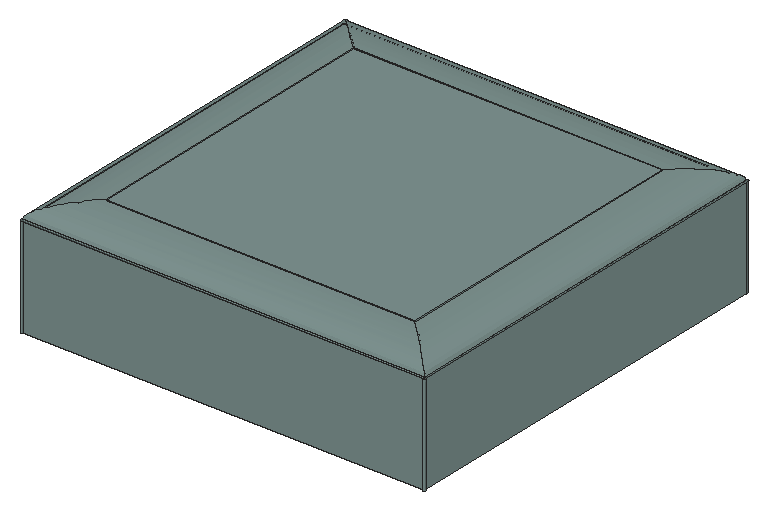
Revit family "DBLTD_TheSenatorGroup_OfficeChairs_Paver", category Furniture, Revit 2021
Family settings
  OmniClass Number = 23.40.20.00
  OmniClass Title = General Furniture and Specialties
  Work Plane-Based = No
  Always vertical = Yes
  Cut with Voids When Loaded = No
  Shared = Yes
  Room Calculation Point = No
Parameters (values of type "Seat Unit 380mm h x 1300mm w x 1300mm d")
  WarrantyStartDate [instance] = " "
  WarrantyGuarantorParts = "https://www.thesenatorgroup.com/"
  WarrantyGuarantorLabor = "https://www.thesenatorgroup.com/"
  WarrantyDurationUnit = "years"
  WarrantyDurationParts = "5"
  WarrantyDurationLabor = "5"
  WarrantyDescription = "Senator warrants that its manufactured products are free from manufacturing defects - in materials or workmanship - for a period of ten (10) years on Senator Seating ranges; and fifteen (15) years on Senator Desking ranges"
  Version = "1"
  Uniclass2015Version = "Products v1.15"
  Uniclass2015Title = "Office chairs"
  Uniclass2015Code = "Pr_40_50_12_57"
  URL = "https://www.thesenatorgroup.com/"
  Type Comments = ModelReference  # "Seat Unit 380mm h x 1300mm w x 1300mm d"
  TagNumber [instance] = " "
  SustainabilityPerformance = "n/a"
  Size = "1300 x 1300 x 380 mm"
  Shape = "Rectangular"
  SerialNumber [instance] = " "
  SeatingHeight = NominalHeight  # 380 mm
  Revision = ""
  ReplacementCost = "n/a"
  ProductInformation = "https://www.allermuir.com/en/products/sofas/paver-uk"
  NominalWidth = 1300 mm
  NominalHeight = 380 mm
  NominalDepth = 1300 mm
  Name = "Chair"
  ModelReference = "Seat Unit 380mm h x 1300mm w x 1300mm d"
  ModelNumber = "PVRS1300"
  Model = ModelNumber  # "PVRS1300"
  Material = "Seat: Fully Upholstered foam around carcass."
  ManufacturerURL = "https://www.senator.online/"
  ManufacturerName = "The Senator Group"
  Keynote = Category  # "Pr_40_50_12_57 Office chairs"
  InstallationDate [instance] = " "
  Grade = "n/a"
  Finish = "Seat: Upholstery available in a broad range of contract fabrics and selected leathers from Allermuir’s standard upholstery collection"
  Features = "Turned out top sewn seam"
  ExpectedLife = "5"
  DurationUnit = "years"
  Cost = 0
  Constituents = "Carcass with soft foam upholstery. Configurable linking plates"
  Color = Finish  # "Seat: Upholstery available in a broad range of contract fabrics and selected leathers from Allermuir’s standard upholstery collection"
  CodePerformance = "n/a"
  Category = "Pr_40_50_12_57 Office chairs"
  SeatingSeatCushionMaterial [instance] = DBLTD_TheSenatorGroup_Fabric_Blue
  Manufacturer = ManufacturerName  # "The Senator Group"
  Description = ModelReference  # "Seat Unit 380mm h x 1300mm w x 1300mm d"
  Default Elevation = 0 mm
  BarCode [instance] = " "
  Author = "Diane Butterworth Ltd"
  AssetType = "Movable"
  AssetIdentifier [instance] = " "
  Assembly Code = "E2020200"
  AccessibilityPerformance = "n/a"
Types (11, lengths in mm): name | Type Comments | Size | SeatingHeight | NominalWidth | NominalHeight | NominalDepth | ModelReference | ModelNumber | Model | Description
  Back Unit 680mm h x 650mm w x 325mm d | "Back Unit 680mm h x 650mm w x 325mm d" | "650 x 325 x 680 mm" | 680 | 650 | 680 | 325 | "Back Unit 680mm h x 650mm w x 325mm d" | "PVRB650" | "PVRB650" | "Back Unit 680mm h x 650mm w x 325mm d"
  Soft Unit 380mm h x 650mm w x 650mm d | "Soft Unit 380mm h x 650mm w x 650mm d" | "650 x 650 x 380 mm" | 380 | 650 | 380 | 650 | "Soft Unit 380mm h x 650mm w x 650mm d" | "PVRS650DQ" | "PVRS650DQ" | "Soft Unit 380mm h x 650mm w x 650mm d"
  Soft Unit 380mm h x 975mm w x 650mm d | "Soft Unit 380mm h x 975mm w x 650mm d" | "975 x 650 x 380 mm" | 380 | 975 | 380 | 650 | "Soft Unit 380mm h x 975mm w x 650mm d" | "PVRS975" | "PVRS975" | "Soft Unit 380mm h x 975mm w x 650mm d"
  Seat Unit 380mm h x 975mm w x 975mm d | "Seat Unit 380mm h x 975mm w x 975mm d" | "975 x 975 x 380 mm" | 380 | 975 | 380 | 975 | "Seat Unit 380mm h x 975mm w x 975mm d" | "PVRS975SQ" | "PVRS975SQ" | "Seat Unit 380mm h x 975mm w x 975mm d"
  Soft Unit 380mm h x 1300mm w x 650mm d | "Soft Unit 380mm h x 1300mm w x 650mm d" | "1300 x 650 x 380 mm" | 380 | 1300 | 380 | 650 | "Soft Unit 380mm h x 1300mm w x 650mm d" | "PVRS1300" | "PVRS1300" | "Soft Unit 380mm h x 1300mm w x 650mm d"
  Seat Unit 380mm h x 1300mm w x 1300mm d | "Seat Unit 380mm h x 1300mm w x 1300mm d" | "1300 x 1300 x 380 mm" | 380 | 1300 | 380 | 1300 | "Seat Unit 380mm h x 1300mm w x 1300mm d" | "PVRS1300" | "PVRS1300" | "Seat Unit 380mm h x 1300mm w x 1300mm d"
  Back Unit 680mm h x 975mm w x 325mm d | "Back Unit 680mm h x 975mm w x 325mm d" | "975 x 325 x 680 mm" | 680 | 975 | 680 | 325 | "Back Unit 680mm h x 975mm w x 325mm d" | "PVRB975" | "PVRB975" | "Back Unit 680mm h x 975mm w x 325mm d"
  Back Unit 680mm h x 1300mm w x 325mm d | "Back Unit 680mm h x 1300mm w x 325mm d" | "1300 x 325 x 680 mm" | 680 | 1300 | 680 | 325 | "Back Unit 680mm h x 1300mm w x 325mm d" | "PVRB1300" | "PVRB1300" | "Back Unit 680mm h x 1300mm w x 325mm d"
  Arm Unit 530mm h x 1300mm w x 325mm d | "Arm Unit 530mm h x 1300mm w x 325mm d" | "1300 x 325 x 530 mm" | 530 | 1300 | 530 | 325 | "Arm Unit 530mm h x 1300mm w x 325mm d" | "PVRA1300" | "PVRA1300" | "Arm Unit 530mm h x 1300mm w x 325mm d"
  Arm Unit 530mm h x 975mm w x 325mm d | "Arm Unit 530mm h x 975mm w x 325mm d" | "975 x 325 x 530 mm" | 530 | 975 | 530 | 325 | "Arm Unit 530mm h x 975mm w x 325mm d" | "PVRA975" | "PVRA975" | "Arm Unit 530mm h x 975mm w x 325mm d"
  Arm Unit 530mm h x 650mm w x 325mm d | "Arm Unit 530mm h x 975mm w x 325mm d" | "650 x 325 x 530 mm" | 530 | 650 | 530 | 325 | "Arm Unit 530mm h x 975mm w x 325mm d" | "PVRA650" | "PVRA650" | "Arm Unit 530mm h x 975mm w x 325mm d"
Reference planes
  plane 1 "Center (Front/Back)": y = 0
  plane 2: z = 0
  plane 3 "Center (Left/Right)": x = 0
  plane 4 "Center L/V": x = -650
  plane 5 "Center L/W": x = 650
  plane 6 "Center L/CC": y = -650
  plane 7 "Center L/DD": y = 650
  plane 8: z = 380
  plane 9: z = 335
  plane 10: z = 10
Forms (mm)
  Extrusion 1, solid, material "DBLTD_TheSenatorGroup_Fabric_Blue" <- "SeatingSeatCushionMaterial"
    sketch origin (0, 0, 0) x (1, 0, 0) y (0, 1, 0)
      loop
        spline (-647.002, 650) -> (-646.665, 651.392) -> (-646.938, 652.53) -> (-647.769, 653.206) -> (-649.007, 653.297) -> (-650.426, 652.787) -> (-651.768, 651.768) -> (-652.787, 650.426) -> (-653.297, 649.007) -> (-653.206, 647.769) -> (-652.53, 646.938) -> (-651.392, 646.665) -> (-650, 647.002)
        line (-650, 647.002) -> (-650, -647.002)
        spline (-650, -647.002) -> (-651.392, -646.665) -> (-652.53, -646.938) -> (-653.206, -647.769) -> (-653.297, -649.007) -> (-652.787, -650.426) -> (-651.768, -651.768) -> (-650.426, -652.787) -> (-649.007, -653.297) -> (-647.769, -653.206) -> (-646.938, -652.53) -> (-646.665, -651.392) -> (-647.002, -650)
        line (-647.002, -650) -> (647.002, -650)
        spline (647.002, -650) -> (646.665, -651.392) -> (646.938, -652.53) -> (647.769, -653.206) -> (649.007, -653.297) -> (650.426, -652.787) -> (651.768, -651.768) -> (652.787, -650.426) -> (653.297, -649.007) -> (653.206, -647.769) -> (652.53, -646.938) -> (651.392, -646.665) -> (650, -647.002)
        line (650, -647.002) -> (650, 647.002)
        spline (650, 647.002) -> (651.392, 646.665) -> (652.53, 646.938) -> (653.206, 647.769) -> (653.297, 649.007) -> (652.787, 650.426) -> (651.768, 651.768) -> (650.426, 652.787) -> (649.007, 653.297) -> (647.769, 653.206) -> (646.938, 652.53) -> (646.665, 651.392) -> (647.002, 650)
        line (647.002, 650) -> (-647.002, 650)
    from 10 to 335
  Sweep 2, solid, material "DBLTD_TheSenatorGroup_Fabric_Blue" <- "SeatingSeatCushionMaterial"
    path origin (0, 0, 0) x (1, 0, 0) y (0, 1, 0)
      loop
        line (650, 650) -> (-650, 650) -> (-650, -650) -> (650, -650) -> (650, 650)
    profile origin (0, 650, 0) x (0, -1, 0) y (0, 0, 1)
      loop
        line (2.988, 335) -> (150, 335) -> (150, 379.924)
        spline (150, 379.924) -> (131.023, 379.562) -> (112.353, 378.48) -> (94.29, 376.696) -> (77.126, 374.24) -> (61.138, 371.15) -> (46.585, 367.477) -> (33.7, 363.279) -> (22.691, 358.625) -> (13.738, 353.59) -> (6.983, 348.254) -> (2.536, 342.705) -> (0.468, 337.031)
        spline (0.468, 337.031) -> (-0.818, 337.03) -> (-1.998, 336.694) -> (-2.876, 336.077) -> (-3.306, 335.282) -> (-3.218, 334.44) -> (-2.626, 333.691) -> (-1.628, 333.159) -> (-0.389, 332.931) -> (0.886, 333.046) -> (1.985, 333.485) -> (2.727, 334.174) -> (2.988, 335)
  Extrusion 3, solid, material "DBLTD_TheSenatorGroup_Fabric_Blue" <- "SeatingSeatCushionMaterial"
    sketch origin (0, 0, 0) x (1, 0, 0) y (0, 1, 0)
      loop
        line (-500, 500) -> (-500, -500) -> (500, -500) -> (500, 500) -> (-500, 500)
    from 335 to 380
  Extrusion 4, solid, material "DBLTD_TheSenatorGroup_Plastic_Black"
    sketch origin (0, 0, 0) x (1, 0, 0) y (0, 1, 0)
      loop
        circle (-607.096, 607.169) r 22
      loop
        circle (-607.096, -607.169) r 22
      loop
        circle (607.096, 607.169) r 22
      loop
        circle (607.096, -607.169) r 22
    from 0 to 10
Dimensions and locks
  equal spacing: plane 4 "Center L/V", plane 3 "Center (Left/Right)", plane 5 "Center L/W"
  "NominalWidth": plane 4 "Center L/V" to plane 5 "Center L/W"
  "NominalDepth": plane 6 "Center L/CC" to plane 7 "Center L/DD"
  equal spacing: plane 6 "Center L/CC", plane 1 "Center (Front/Back)", plane 7 "Center L/DD"
  "NominalHeight": plane 8 to level
  locked: plane 8 to plane 9 at 45
  locked: Sweep 2 sketch curve to plane 9 at 44.924
  locked: plane 10 to level at 10
  locked: plane 4 "Center L/V" to Extrusion 4 sketch curve at 42.904  (x2)
  locked: Extrusion 4 sketch curve to plane 7 "Center L/DD" at 42.831  (x2)
  locked: Extrusion 4 sketch curve to plane 6 "Center L/CC" at 42.831  (x2)
  locked: Extrusion 4 sketch curve to plane 5 "Center L/W" at 42.904  (x2)
  aligned and locked: level to plane 2
  aligned and locked: plane 7 "Center L/DD" to Extrusion 1 sketch curve
  aligned and locked: plane 4 "Center L/V" to Extrusion 1 sketch curve
  aligned and locked: plane 6 "Center L/CC" to Extrusion 1 sketch curve
  aligned and locked: plane 5 "Center L/W" to Extrusion 1 sketch curve
  aligned and locked: plane 9 to Extrusion 1
  aligned and locked: Sweep 2 sketch curve to Extrusion 1
  aligned and locked: Sweep 2 sketch curve to plane 4 "Center L/V"
  aligned and locked: plane 5 "Center L/W" to Sweep 2 sketch curve
  aligned and locked: plane 6 "Center L/CC" to Sweep 2 sketch curve
  aligned and locked: Sweep 2 sketch curve to plane 9
  aligned and locked: Extrusion 3 sketch curve to Sweep 2  (x4)
  aligned and locked: Extrusion 3 to plane 9
  aligned and locked: plane 8 to Extrusion 3
  aligned and locked: Extrusion 1 to plane 10
  aligned and locked: plane 10 to Extrusion 4
Automatic sketch dimensions
  Extrusion 1 sketch curve to plane 4 "Center L/V" = 0 mm  (x2)
  Extrusion 1 sketch curve to plane 5 "Center L/W" = 0 mm  (x2)
  Extrusion 1 sketch curve to plane 6 "Center L/CC" = 0 mm  (x2)
  plane 7 "Center L/DD" to Extrusion 1 sketch curve = 0 mm  (x2)
  plane 4 "Center L/V" to Extrusion 1 sketch curve = 2.998 mm
  plane 5 "Center L/W" to Extrusion 1 sketch curve = 2.998 mm  (x2)
  plane 4 "Center L/V" to Extrusion 1 sketch curve = 2.828 mm  (x2)
  Extrusion 1 sketch curve to Extrusion 1 sketch curve = 0.17 mm
  plane 5 "Center L/W" to Extrusion 1 sketch curve = 2.828 mm  (x2)
  Sweep 2 sketch curve to profile plane = 2.988 mm
  Sweep 2 sketch curve to profile plane = 150 mm
  Sweep 2 sketch curve to profile plane = 0.468 mm
  profile plane to Sweep 2 sketch curve = 0.174 mm
  Sweep 2 sketch curve to Sweep 2 sketch curve = 149.686 mm
  Sweep 2 sketch curve to Sweep 2 sketch curve = 0.007 mm
  radius of Extrusion 4 sketch curve = 22 mm  (x4)
